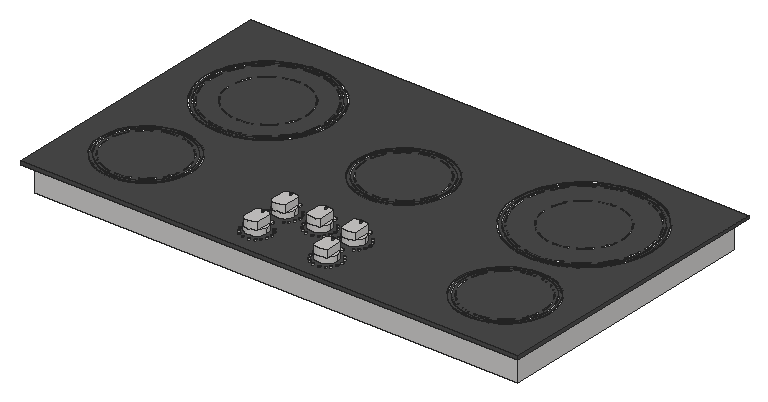
Revit family "QF_Summit_CR5B36MB_Electric Cooktop", category Specialty Equipment, Revit 2020 (continued)
Automatic sketch dimensions
  curve 358 to curve 358 = 0.01988"
  curve 120 to curve 120 = 0.01988"
  curve 347 to curve 352 = 0.22613"
  curve 351 to curve 352 = 0.02693"
  curve 24 to curve 26 = 0.35853"
  curve 26 to curve 26 = 5/256"
  curve 117 to curve 116 = 0.18744"
  curve 113 to curve 116 = 0.02928"
  curve 281 to curve 278 = 0.3647"
  curve 278 to curve 278 = 0.01994"
  curve 129 to curve 184 = 0.47418"
  curve 129 to curve 131 = 1/16"
  curve 131 to curve 134 = 0.16832"
  curve 5 to curve 13 = 0.44875"
  curve 133 to curve 136 = 1/32"
  curve 5 to curve 7 = 1/16"
  curve 7 to curve 9 = 3/16"
  curve 9 to curve 11 = 1/32"
  curve 470 to curve 469 = 0.06351"
  curve 542 to curve 541 = 0.06351"
  curve 472 to curve 471 = 0.06351"
  curve 544 to curve 543 = 0.06351"
  curve 467 to curve 467 = 0.06351"
  curve 539 to curve 539 = 0.06351"
  curve 545 to curve 545 = 0.06351"
  curve 473 to curve 473 = 0.06351"
  curve 185 to curve 196 = 0.47418"
  curve 541 to curve 431 = 0.2017"
  curve 469 to curve 426 = 0.2017"
  curve 537 to curve 537 = 0.06351"
  curve 465 to curve 465 = 0.06351"
  curve 185 to curve 187 = 1/16"
  curve 476 to curve 475 = 0.06351"
  curve 548 to curve 547 = 0.06351"
  curve 537 to curve 439 = 0.09269"
  curve 465 to curve 447 = 0.09269"
  curve 187 to curve 189 = 0.16832"
  curve 189 to curve 192 = 1/32"
  curve 456 to curve 455 = 0.18787"
  curve 443 to curve 443 = 0.18787"
  curve 448 to curve 448 = 0.06351"
  curve 441 to curve 441 = 0.06351"
  curve 478 to curve 477 = 0.06351"
  curve 550 to curve 549 = 0.06351"
  curve 450 to curve 479 = 0.27137"
  curve 440 to curve 551 = 0.27137"
  curve 487 to curve 487 = 0.06351"
  curve 560 to curve 559 = 0.06351"
  curve 479 to curve 479 = 0.06351"
  curve 552 to curve 551 = 0.06351"
  curve 558 to curve 557 = 0.06351"
  curve 485 to curve 485 = 0.06351"
  curve 482 to curve 481 = 0.06351"
  curve 554 to curve 553 = 0.06351"
  curve 484 to curve 483 = 0.06351"
  curve 556 to curve 555 = 0.06351"
  curve 494 to curve 493 = 0.06351"
  curve 496 to curve 495 = 0.06351"
  curve 491 to curve 491 = 0.06351"
  curve 498 to curve 497 = 0.06351"
  curve 493 to curve 427 = 0.2017"
  curve 490 to curve 489 = 0.06351"
  curve 499 to curve 499 = 0.06351"
  curve 489 to curve 451 = 0.09269"
  curve 457 to curve 457 = 0.18787"
  curve 462 to curve 461 = 0.06351"
  curve 501 to curve 501 = 0.06351"
  curve 452 to curve 511 = 0.1562"
  curve 511 to curve 511 = 0.06351"
  curve 504 to curve 503 = 0.06351"
  curve 510 to curve 509 = 0.06351"
  curve 506 to curve 505 = 0.06351"
  curve 507 to curve 507 = 0.06351"
  curve 565 to curve 565 = 0.06351"
  curve 518 to curve 517 = 0.06351"
  curve 520 to curve 519 = 0.06351"
  curve 568 to curve 567 = 0.06351"
  curve 516 to curve 515 = 0.06351"
  curve 563 to curve 563 = 0.06351"
  curve 570 to curve 569 = 0.06351"
  curve 522 to curve 521 = 0.06351"
  curve 517 to curve 430 = 0.2017"
  curve 565 to curve 433 = 0.2017"
  curve 513 to curve 513 = 0.06351"
  curve 561 to curve 561 = 0.06351"
  curve 524 to curve 523 = 0.06351"
  curve 572 to curve 571 = 0.06351"
  curve 513 to curve 453 = 0.09269"
  curve 561 to curve 435 = 0.09269"
  curve 460 to curve 459 = 0.18787"
  curve 445 to curve 445 = 0.18787"
  curve 463 to curve 463 = 0.06351"
  curve 438 to curve 437 = 0.06351"
  curve 573 to curve 573 = 0.06351"
  curve 526 to curve 525 = 0.06351"
  curve 436 to curve 583 = 0.1562"
  curve 454 to curve 535 = 0.1562"
  curve 583 to curve 583 = 0.06351"
  curve 535 to curve 535 = 0.06351"
  curve 575 to curve 575 = 0.06351"
  curve 527 to curve 527 = 0.06351"
  curve 582 to curve 581 = 0.06351"
  curve 533 to curve 533 = 0.06351"
  curve 578 to curve 577 = 0.06351"
  curve 530 to curve 529 = 0.06351"
  curve 531 to curve 531 = 0.06351"
  curve 580 to curve 579 = 0.06351"
  curve 241 to curve 249 = 0.46705"
  curve 241 to curve 243 = 1/16"
  curve 245 to curve 252 = 0.19522"
  curve 245 to curve 248 = 1/32"
  curve 369 to curve 421 = 0.47418"
  curve 369 to curve 372 = 1/16"
  curve 371 to curve 374 = 0.16832"
  curve 373 to curve 376 = 1/32"
  curve 547 to curve 585 = 0.27552"
  curve 586 to curve 547 = 0.14514"
  curve 585 to curve 585 = 0.06351"
  curve 587 to curve 549 = 0.27552"
  curve 588 to curve 549 = 0.14514"
  curve 587 to curve 587 = 0.06351"
  curve 589 to plane 7 "Center Y" = 0.2318"
  curve 590 to curve 499 = 0.14514"
  curve 590 to curve 589 = 0.06351"
  plane 7 "Center Y" to curve 591 = 0.2318"
  curve 591 to curve 501 = 0.14514"
  curve 592 to curve 591 = 0.06351"
  curve 571 to curve 594 = 0.27552"
  curve 594 to curve 571 = 0.14514"
  curve 594 to curve 593 = 0.06351"
  curve 595 to curve 596 = 0"  (x2)
  curve 596 to curve 573 = 0.27552"
  curve 596 to curve 573 = 0.14514"
  curve 596 to curve 595 = 0.06351"
  radius of Extrusion 4 sketch curve = 1/8"
  radius of Extrusion 1 sketch curve = 3 1/4"  (x3)
  radius of Extrusion 1 sketch curve = 3 3/16"  (x3)
  radius of Extrusion 1 sketch curve = 3.01918"  (x3)
  radius of Extrusion 1 sketch curve = 2.98793"  (x3)
  radius of Extrusion 1 sketch curve = 4 13/16"
  radius of Extrusion 1 sketch curve = 4.60317"
  radius of Extrusion 1 sketch curve = 4.57192"
  radius of Extrusion 1 sketch curve = 4 1/2"
  radius of Extrusion 1 sketch curve = 4 7/16"
  radius of Extrusion 1 sketch curve = 4 1/4"
  radius of Extrusion 1 sketch curve = 4 7/32"
  radius of Extrusion 1 sketch curve = 4 7/8"
  radius of Extrusion 6 sketch curve = 3/4"  (x5)
  radius of Extrusion 11 sketch curve = 0.3323"  (x5)
  radius of Extrusion 7 sketch curve to Extrusion 6 = 0"  (x10)
  radius of Extrusion 10 sketch curve = 0.06351"  (x5)
  radius of Extrusion 8 sketch curve = 0.06351"  (x66)
  radius of Extrusion 9 sketch curve = 0.18787"  (x5)
Connectors (in)
  electrical at (17.75, -0.98525, -1), driven by "Volts", driven by "Watts"
    settings: on Extrusion 4, index 1, voltage 240 V, apparent load 7200 VA, apparent load phase1 0 VA, apparent load phase2 0 VA, apparent load phase3 0 VA, power factor 1, load classification "Other", number of poles 1, system type 30, power factor state 1, is connector primary yes, connector utility no, sub classification motor no, connector description "Electrical Connection"
